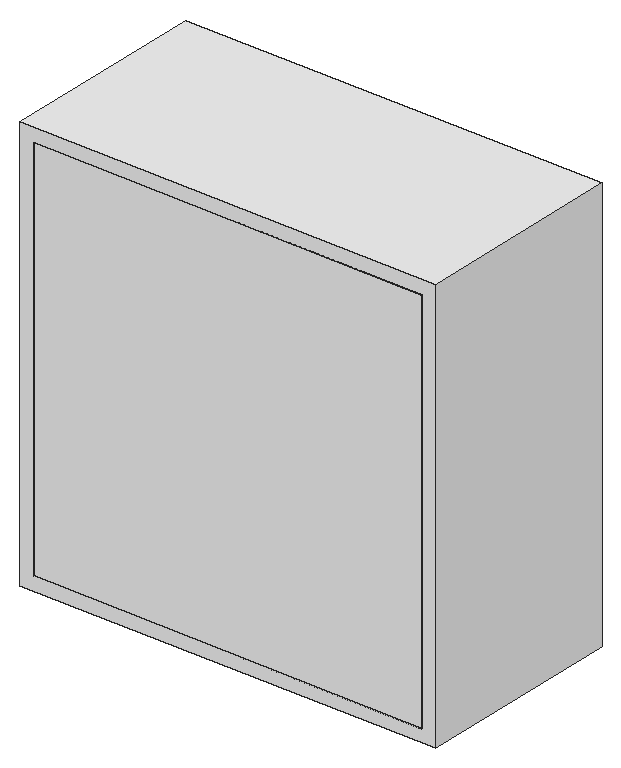
Revit family "Upper Cabinet-Double Door-Wall (M)", category 케이스워크, Revit 2026
Family settings
  호스트 = 벽
  항상 수직 = 예
  로드될 때 보이드를 사용하여 절단 = 아니오
  공유 = 아니오
  룸 계산 점 = 아니오
Parameters (values of type "600mm")
  기본 높이 = 0 mm
  Cabinet Material = none
  깊이 = 300 mm
  Door/Drawer Material = none
  Handle Material = Cabinets - Handles
  Height = 600 mm
  Top Of Cabinet = 2000 mm
  Width = 600 mm
Types (3, lengths in mm): name | Width
  (no name) | 600
  600mm | 600
  1000mm | 1000
Reference planes
  plane 1: y = 0
  plane 2 "Center": x = 29.771
  plane 3 "Right": x = 329.771
  plane 4 "Left": x = -270.229
  plane 5: z = 1400
  plane 6: z = 2000
  plane 7 "Front": y = 376.2
  plane 8: y = 76.2
  plane 9: z = 1700
Forms (mm)
  Extrusion 1, solid, material <- "Cabinet Material"
    sketch origin (0, 76.2, 0) x (1, 0, 0) y (0, 0, 1)
      loop
        line (329.771, 2000) -> (-270.229, 2000) -> (-270.229, 1400) -> (329.771, 1400) -> (329.771, 2000)
      loop
        line (310.721, 1980.95) -> (-251.179, 1980.95) -> (-251.179, 1419.05) -> (310.721, 1419.05) -> (310.721, 1980.95)
    from 0 to -300
  Extrusion 2, solid, material <- "Cabinet Material"
    sketch origin (0, 76.2, 0) x (1, 0, 0) y (0, 0, 1)
      loop
        line (310.721, 1980.95) -> (-251.179, 1980.95) -> (-251.179, 1419.05) -> (310.721, 1419.05) -> (310.721, 1980.95)
    from 0 to -19.05
  Extrusion 3, solid, material <- "Door/Drawer Material"
    sketch origin (0, 376.2, 0) x (0, 0, 1) y (1, 0, 0)
      loop
        line (1980.95, 310.721) -> (1419.05, 310.721) -> (1419.05, 32.946) -> (1980.95, 32.946) -> (1980.95, 310.721)
      loop
        line (1980.95, -251.179) -> (1980.95, 26.596) -> (1419.05, 26.596) -> (1419.05, -251.179) -> (1980.95, -251.179)
    from 12.7 to -19.05
  Sweep 4, solid, material "Cabinets - Handles" <- "Handle Material"
    path origin (4.371, 0, 0) x (0, 1, 0) y (0, 0, 1)
      loop
        line (388.9, 1552.4) -> (401.6, 1552.4)
        arc (401.6, 1552.4) -> (410.58, 1548.68) -> (414.3, 1539.7) r 12.7
        line (414.3, 1539.7) -> (414.3, 1463.5)
        arc (414.3, 1463.5) -> (410.58, 1454.52) -> (401.6, 1450.8) r 12.7
        line (401.6, 1450.8) -> (388.9, 1450.8)
    profile origin (4.371, 395.25, 0) x (0, 0, 1) y (1, 0, 0)
      loop
        circle (1552.4, 0) r 6.35
  Sweep 5, solid, material "Cabinets - Handles" <- "Handle Material"
    path origin (55.171, 0, 0) x (0, 1, 0) y (0, 0, -1)
      loop
        line (388.9, -1552.4) -> (401.6, -1552.4)
        arc (401.6, -1552.4) -> (410.58, -1548.68) -> (414.3, -1539.7) r 12.7
        line (414.3, -1539.7) -> (414.3, -1463.5)
        arc (414.3, -1463.5) -> (410.58, -1454.52) -> (401.6, -1450.8) r 12.7
        line (401.6, -1450.8) -> (388.9, -1450.8)
    profile origin (55.171, 395.25, 0) x (0, 0, -1) y (-1, 0, 0)
      loop
        circle (-1552.4, 0) r 6.35
Lines and regions (mm)
  model lines
    curve 1: line (29.771, 376.2, 1980.95) -> (29.771, 376.2, 1419.05)
  symbolic lines, style "Plan Rep - Above"
    curve 2: line (-270.229, 376.2, 0) -> (329.771, 376.2, 0)
    curve 3: line (-270.229, 76.2, 0) -> (-270.229, 376.2, 0)
    curve 4: line (329.771, 76.2, 0) -> (-270.229, 76.2, 0)
    curve 5: line (329.771, 376.2, 0) -> (329.771, 76.2, 0)
  symbolic lines, style "Elevation Swing"
    curve 6: line (32.946, 0, 1980.95) -> (310.721, 0, 1700)
    curve 7: line (310.721, 0, 1700) -> (32.946, 0, 1419.05)
    curve 8: line (26.596, 0, 1419.05) -> (-251.179, 0, 1700)
    curve 9: line (-251.179, 0, 1700) -> (26.596, 0, 1980.95)
Text (mm)
  text "Placement Side" at (0, 1019.848, 3124.603), in view "Right"
  text "Placement Side" at (-1198.245, 1500.971, 0), in view "Floor Line"
  text "Placement Side" at (0, 1020.14, 3065.962), in view "Left"
Dimensions and locks
  equal spacing: plane 4 "Left", plane 2 "Center", plane 3 "Right"
  "Width": plane 4 "Left" to plane 3 "Right"
  "Height": plane 5 to plane 6
  "깊이": plane 8 to plane 7 "Front"
  equal spacing: plane 5, plane 9, plane 6
  "Top Of Cabinet": level to plane 6
  aligned and locked: plane 8 to host wall
  aligned and locked: plane 7 "Front" to Extrusion 1
  aligned and locked: Extrusion 2 sketch curve to Extrusion 1  (x4)
  aligned and locked: curve 1 to Extrusion 3  (x2)
Automatic sketch dimensions
  Extrusion 1 sketch curve to plane 4 "Left" = 0 mm
  Extrusion 1 sketch curve to plane 3 "Right" = 0 mm
  Extrusion 1 sketch curve to plane 5 = 0 mm
  Extrusion 1 sketch curve to plane 6 = 0 mm
  plane 4 "Left" to Extrusion 1 sketch curve = 19.05 mm
  Extrusion 1 sketch curve to plane 3 "Right" = 19.05 mm
  Extrusion 1 sketch curve to plane 5 = 19.05 mm
  plane 6 to Extrusion 1 sketch curve = 19.05 mm
  Sweep 4 sketch curve to profile plane = 0 mm
  profile plane to Sweep 4 sketch curve = 6.35 mm
  Sweep 5 sketch curve to profile plane = 0 mm
  profile plane to Sweep 5 sketch curve = 6.35 mm
  curve 4 to host wall = 0 mm
  curve 4 to plane 4 "Left" = 0 mm
  curve 4 to plane 3 "Right" = 0 mm
  curve 3 to plane 7 "Front" = 0 mm
  plane 7 "Front" to Sweep 4 sketch curve = 12.7 mm  (x2)
  Sweep 4 sketch curve to Sweep 4 sketch curve = 12.7 mm  (x3)
  Sweep 4 sketch curve to plane 5 = 50.8 mm
  Sweep 4 sketch curve to Sweep 4 sketch curve = 76.2 mm
  plane 7 "Front" to Sweep 5 sketch curve = 12.7 mm  (x2)
  Sweep 5 sketch curve to Sweep 5 sketch curve = 12.7 mm  (x3)
  Sweep 5 sketch curve to plane 5 = 152.4 mm
  Sweep 5 sketch curve to plane 5 = 63.5 mm
  plane 2 "Center" to Extrusion 3 sketch curve = 3.175 mm
  Extrusion 3 sketch curve to plane 5 = 19.05 mm
  Extrusion 3 sketch curve to Extrusion 3 sketch curve = 0 mm
  Extrusion 3 sketch curve to plane 2 "Center" = 3.175 mm
  plane 6 to Extrusion 3 sketch curve = 19.05 mm  (x2)
  plane 4 "Left" to Extrusion 3 sketch curve = 19.05 mm
  Extrusion 3 sketch curve to plane 3 "Right" = 19.05 mm
  curve 6 to plane 9 = 0 mm
  curve 8 to plane 9 = 0 mm
  curve 1 to plane 2 "Center" = 0 mm
  plane 2 "Center" to curve 6 = 3.175 mm
  curve 6 to curve 1 = 0 mm
  curve 9 to plane 2 "Center" = 3.175 mm
  curve 9 to curve 1 = 0 mm
  curve 8 to plane 2 "Center" = 3.175 mm
  curve 8 to curve 1 = 0 mm
  plane 2 "Center" to curve 7 = 3.175 mm
  curve 7 to curve 1 = 0 mm
  plane 4 "Left" to curve 8 = 19.05 mm
  curve 6 to plane 3 "Right" = 19.05 mm
